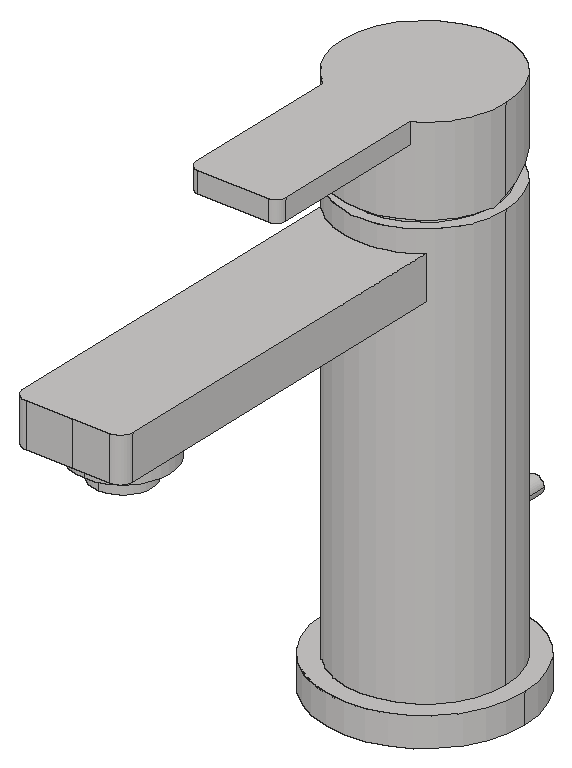
Revit family "SB-2701", category Plumbing Fixtures, Revit 2023
Family settings
  Round Connector Dimension = Use Diameter
  Part Type = Normal
  OmniClass Number = 23.45.00.00
  OmniClass Title = Sanitary, Laundry, and Cleaning Equipment
  Work Plane-Based = No
  Enable Cutting in Views = No
  Always vertical = Yes
  Cut with Voids When Loaded = No
  Maintain Annotation Orientation = No
  Shared = No
  Room Calculation Point = No
Parameters
  Default Elevation = 0' - 0"
Reference planes (in)
  plane 1 "Center (Front/Back)": y = 0
  plane 2: z = 0
  plane 3 "Center (Left/Right)": x = 0
  plane 4: x = -1.0625
  plane 5: x = 1.0625
  plane 6: z = 5.875
  plane 7: z = 4.625
  plane 8: z = 3.75
  plane 9: y = -2.56165
  plane 10: y = -4.68665
  plane 11: y = 1.06335
  plane 12: y = 1.43835
Forms (in)
  Extrusion 1, solid, material "Metals"
    sketch origin (0, 0, 0) x (1, 0, 0) y (0, 1, 0)
      loop
        circle (0, 0) r 1.06335
    from 0 to 0.31333
  Extrusion 2, solid, material "Metals"
    sketch origin (0, 0, 0.31333) x (1, 0, 0) y (0, 1, 0)
      loop
        circle (0, 0) r 0.865
    from 0 to 4.51803
  Revolve 3, solid, material "Metals"
    sketch origin (0, 0, 0) x (0, 1, 0) y (0, 0, 1)
      loop
        line (-4.50969, 4.13569) -> (-4.50969, 3.95383) -> (-4.32045, 3.95383) -> (-4.32045, 3.75056) -> (-4.00969, 3.75056) -> (-4.00969, 4.13569) -> (-4.50969, 4.13569)
      axis (-4.00969, 4.13569) -> (-4.00969, 3.75056)
    angle from 0 to 360
  Extrusion 4, solid, material "Metals"
    sketch origin (0, 0, 0.31333) x (1, 0, 0) y (0, 1, 0)
      loop
        circle (0, 0) r 0.865
      loop
        circle (0, 0) r 0.77136
    from 4.60343 to 5.53264
  Extrusion 5, void
    sketch origin (0, 0, 0) x (0, 1, 0) y (0, 0, 1)
      loop
        line (0.865, 5.30654) -> (-0.1504, 4.91676) -> (0.865, 4.91676) -> (0.865, 5.30654)
    from -0.91142 to 4.00019
  Extrusion 6, solid, material "Metals"
    sketch origin (0, 0, 0.31333) x (1, 0, 0) y (0, 1, 0)
      loop
        line (-0.52793, -0.43603) -> (-0.52793, -2.35796)
        arc (-0.52793, -2.35796) -> (-0.49522, -2.44784) -> (-0.41239, -2.49568) r 0.13985
        line (-0.41239, -2.49568) -> (0.33761, -2.49568)
        arc (0.33761, -2.49568) -> (0.41085, -2.46534) -> (0.44119, -2.39209) r 0.10358
        line (0.44119, -2.39209) -> (0.44119, -0.39209) -> (-0.52793, -0.39209) -> (-0.52793, -0.43603)
    from 5.31374 to 5.53264
  Extrusion 7, solid, material "Metals"
    sketch origin (0, 0, 0.31333) x (1, 0, 0) y (0, 1, 0)
      loop
        line (-0.62631, -0.59662) -> (-0.62631, -4.53616)
        arc (-0.62631, -4.53616) -> (-0.58129, -4.64484) -> (-0.47261, -4.68986) r 0.1537
        line (-0.47261, -4.68986) -> (0, -4.68986) -> (0.4116, -4.68986)
        arc (0.4116, -4.68986) -> (0.50681, -4.65042) -> (0.54625, -4.55521) r 0.13465
        line (0.54625, -4.55521) -> (0.54625, -0.43804) -> (-0.62631, -0.43804) -> (-0.62631, -0.59662)
    from 3.82237 to 4.28708
  Revolve 8, solid, material "Metals"
    sketch origin (0, 0, 0) x (0, 1, 0) y (0, 0, 1)
      loop
        arc (0.75, 4.83136) -> (0.51567, 5.31367) -> (0, 5.46068) r 0.65692
        line (0, 5.46068) -> (0, 4.83136) -> (0.75, 4.83136)
      axis (0, 4.83136) -> (0, 5.46068)
    angle from 0 to 360
  Extrusion 9, solid, material "Metals"
    sketch origin (0, 0, 5.84597) x (1, 0, 0) y (0, 1, 0)
      loop
        circle (0, 0) r 0.865
    from -0.06094 to 0
  Extrusion 10, solid, material "Metals"
    sketch origin (0, 0, 0.25) x (1, 0, 0) y (0, 0, 1)
      loop
        circle (0, 1.02481) r 0.09733
    from -1.46381 to -0.83702
Cuts and joins
  Extrusion 5 cuts Extrusion 4
  joined: Extrusion 4, Extrusion 6, Extrusion 9
  joined: Extrusion 2, Extrusion 7, Extrusion 10
Dimensions and locks (in)
  plane 6 to level = 0' - 5 7/8"  (x2)
  plane 7 to level = 0' - 4 5/8"
  plane 8 to level = 0' - 3 3/4"
  plane 10 to plane 11 = 0' - 5 3/4"
  plane 9 to plane 11 = 0' - 3 5/8"
  plane 12 to plane 10 = 0' - 6 1/8"
  aligned and locked: level to plane 2
